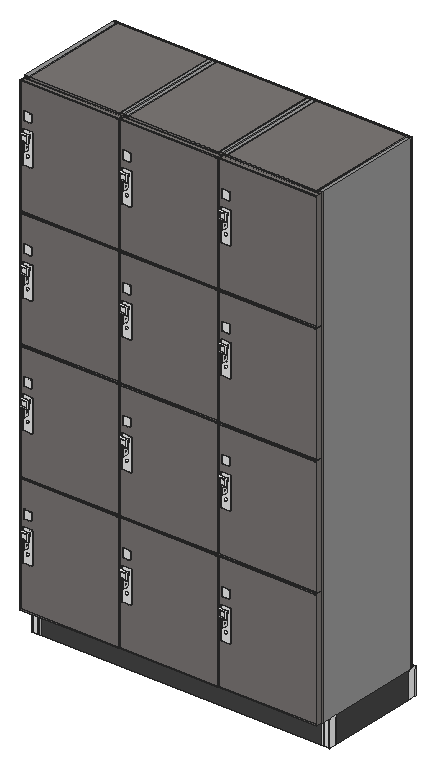
Revit family "Wood_Lockers_Hasps-Salsbury_Industries-15_44000_Series-3_Wide_Units.rfa", category Specialty Equipment, Revit 2016
Family settings
  Part Type = Normal
  Round Connector Dimension = Use Diameter
  OmniClass Number = 23.40.00.00
  OmniClass Title = Equipment and Furnishings
  Work Plane-Based = No
  Always vertical = Yes
  Cut with Voids When Loaded = No
  Shared = No
  Room Calculation Point = No
Parameters (values of type "15-44368")
  Width = 45.000"
  Version = "1.0 (01/31/24)"
  Unit Height including Sloping Hood Only [instance] = 78.868"
  Unit Height including Base Only [instance] = 76.000"
  URL = "www.lockers.com"
  Type Comments = "Premier Wood Lockers - Four Tier - with Hasps"
  Total Doors Height [instance] = if(Unit Height = 72.000", 71.750", if(Unit Height = 60.000", 59.750", 0.000"))  # 71.750"
  Sloping Top Corner Filler - Right Side [instance] = Wood Locker Sloping Corner Fillers : None
  Sloping Top Corner Filler - Left Side [instance] = Wood Locker Sloping Corner Fillers : None
  Sloping In-Line Filler - Right Side [instance] = Wood Locker Sloping In-Line Fillers : None
  Sloping In-Line Filler - Left Side [instance] = Wood Locker Sloping In-Line Fillers : None
  Sloping Hood Height = if(Depth = 15.000", 5.743", if(Depth = 18.000", 6.868", if(Depth = 21.000", 7.993", if(Depth = 24.000", 9.118", 0.000"))))  # 6.868"
  Sloping Hood [instance] = Wood Locker Sloping Hoods : None
  Side Panel without Slope - Right Side [instance] = Wood Locker Side Panels-No Slope : None
  Side Panel without Slope - Left Side [instance] = Wood Locker Side Panels-No Slope : None
  Side Panel with Slope - Right Side [instance] = Wood Locker Side Panels-With Slope : None
  Side Panel with Slope - Left Side [instance] = Wood Locker Side Panels-With Slope : None
  Secondary Structure Materials = Particle Board Industrial Grade - Salsbury Finish - Black Melamine Overlay
  Primary Structure Materials = Particle Board Industrial Grade - Salsbury Finish - Plain
  Overall Unit Height including Base and Sloping Hood [instance] = 82.868"
  OmniClass 23 Title = "Equipment and Furnishings"
  OmniClass 23 Number = "23.40.00.00"
  Model = "15-44368"
  MasterFormat Title = "Lockers"
  MasterFormat Code = "10 51 23"
  Manufacturer = "Salsbury Industries"
  Laminate Surface [instance] = Industrial Grade Particleboard with Wood Laminate - Salsbury Finish - Skyline Walnut
  Unit Height = 72.000"
  Interior Material = Textured Melamine - Salsbury Finish - White
  Individual Door Width [instance] = 14.875"
  Individual Door Height = if(Unit Height = 72.000", 17.796", if(Unit Height = 60.000", 14.796", 0.000"))  # 17.796"
  Hardware = Aluminum - Salsbury Finish - Black Satin
  Front Vertical Filler - Right Side [instance] = Wood Locker Front Fillers : None
  Front Vertical Filler - Left Side [instance] = Wood Locker Front Fillers : None
  Front Corner Filler - Right Side [instance] = Wood Locker Front Corner Filler : None
  Front Corner Filler - Left Side [instance] = Wood Locker Front Corner Filler : None
  Flat Top In-Line Filler - Right Side [instance] = Wood Locker Flat In-Line Fillers : None
  Flat Top In-Line Filler - Left Side [instance] = Wood Locker Flat In-Line Fillers : None
  Flat Top Corner Filler - Right Side [instance] = Wood Locker Flat Corner Fillers : None
  Flat Top Corner Filler - Left Side [instance] = Wood Locker Flat Corner Fillers : None
  Fascia Filler [instance] = Wood Locker Fascia Fillers : None
  Double Side Panel without Slope - Right Side [instance] = Wood Locker Double Side Panels-No Slope : None
  Double Side Panel without Slope - Left Side [instance] = Wood Locker Double Side Panels-No Slope : None
  Double Side Panel with Slope - Right Side [instance] = Wood Locker Double Side Panels-With Slope : None
  Double Side Panel with Slope - Left Side [instance] = Wood Locker Double Side Panels-With Slope : None
  Door Location D1 = Premier Locker Doors_Hasp : Four Tier Door for Six Foot High Locker
  Description = "3 Wide - 6 Feet High - 18 inches Deep - with Base"
  Depth = 18.000"
  Compartment Width [instance] = 13.750"
  Compartment Height [instance] = if(Unit Height = 72.000", 17.063", if(Unit Height = 60.000", 14.063", 0.000"))  # 17.063"
  Compartment Depth [instance] = 16.750"
  Base Material = Particle Board Industrial Grade - Salsbury Finish - Black Melamine Overlay
  Base Height = 4.000"
  Base Depth [instance] = 16.250"
  Base = Wood Locker Bases : Base - 45" W x 18" D Lockers
  Assembly Code = "C1030310"
Reference planes (in)
  plane 1 "Center (Front/Back)": y = 0
  plane 2: z = 0
  plane 3 "Center (Left/Right)": x = 0
  plane 4 "Right Side of Unit": x = 22.5
  plane 5 "Left Side of Unit": x = -22.5
  plane 6 "Back of Unit": y = 9
  plane 7 "Front of Unit": y = -9
  plane 8 "Bottom of Base": z = 0
  plane 9 "Top Edge of Unit": z = 76
  plane 10 "Top of Base Edge": z = 4
  plane 11: z = 82.868
  plane 12 "Right Compartment 3 Edge": x = 21.906
  plane 13 "Left Compartment 1 Edge": x = -21.906
  plane 14 "Front Melamine Edge": y = -8
  plane 15 "Back Compartment Edge": y = 8.781
  plane 16 "Front Compartment Edge": y = -7.969
  plane 17 "Front Edge of Base": y = -6.625
  plane 18 "Bottom Edge of Door": z = 4.125
  plane 19 "Top Edge of Door": z = 75.875
  plane 20 "Bottom Compartment Edge": z = 4.75
  plane 21 "Top Compartment Edge": z = 75.25
  plane 22 "Center Top and Bottom": z = 40
  plane 23 "Left Melamine 1 Edge": x = -21.875
  plane 24 "Right Melamine 3 Edge": x = 21.875
  plane 25 "Back Melamine Edge": y = 8.75
  plane 26 "Left Edge of Door": x = -22.375
  plane 27: y = 9.625
  plane 28: y = -7.25
  plane 29 "Base / Ventillation Alignment": y = 9.625
  plane 30 "Compartment 1-2 Dividing Line": x = -7.5
  plane 31 "Compartment 2-3 Dividing Line": x = 7.5
  plane 32 "Right Compartment 1 Edge": x = -8.094
  plane 33 "Right Melamine 1 Edge": x = -8.125
  plane 34 "Left Compartment 2 Edge": x = -6.906
  plane 35 "Left Melamine 2 Edge": x = -6.875
  plane 36 "Right Compartment 2 Edge": x = 6.906
  plane 37 "Right Melamine 2 Edge": x = 6.875
  plane 38 "Left Compartment 3 Edge": x = 8.094
  plane 39 "Left Melamine 3 Edge": x = 8.125
  plane 40 "Compartment Shelf 3": z = 22.563
  plane 41: z = 21.813
  plane 42 "Compartment Extrusion Guide": z = 3.5
  plane 43 "Vertical Center of Compartment 1": x = -15
  plane 44 "Vertical Center of Compartment 3": x = 15
  plane 45: z = 21.921
  plane 46: z = 22.109
  plane 47: z = 39.626
  plane 48 "Compartment Shelf 2": z = 40.376
  plane 49: z = 39.905
  plane 50: z = 40.093
  plane 51 "Compartment Shelf 1": z = 58.189
  plane 52: z = 57.439
  plane 53: z = 58.077
  plane 54: z = 57.889
Forms (in)
  Extrusion 1, solid, material "Particle Board Industrial Grade - Salsbury Finish - Plain" <- "Primary Structure Materials"
    sketch origin (22.5, 0, 0) x (0, -1, 0) y (0, 0, 1)
      loop
        line (7.969, 76) -> (-8.75, 76) -> (-8.75, 4) -> (7.969, 4) -> (7.969, 76)
    from 0 to 0.594
  Extrusion 2, solid, material "Particle Board Industrial Grade - Salsbury Finish - Plain" <- "Primary Structure Materials"
    sketch origin (-22.5, 0, 0) x (0, -1, 0) y (0, 0, 1)
      loop
        line (-8.75, 76) -> (-8.75, 4) -> (7.969, 4) -> (7.969, 76) -> (-8.75, 76)
    from 0 to -0.594
  Extrusion 3, solid, material "Textured Melamine - Salsbury Finish - White" <- "Interior Material"
    sketch origin (0, 0, 4) x (0, -1, 0) y (1, 0, 0)
      loop
        line (-8.75, -21.875) -> (7.969, -21.875) -> (7.969, 21.875) -> (-8.75, 21.875) -> (-8.75, -21.875)
    from 0 to 0.75
  Extrusion 4, solid, material "Industrial Grade Particleboard with Wood Laminate - Salsbury Finish - Skyline Walnut" <- "Laminate Surface"
    sketch origin (0, 0, 76) x (0, -1, 0) y (1, 0, 0)
      loop
        line (-8.75, -21.875) -> (8, -21.875) -> (8, 21.875) -> (-8.75, 21.875) -> (-8.75, -21.875)
    from 0 to -0.75
  Extrusion 5, solid, material "Particle Board Industrial Grade - Salsbury Finish - Plain" <- "Primary Structure Materials"
    sketch origin (0, 9, 0) x (1, 0, 0) y (0, 0, 1)
      loop
        line (-22.5, 76) -> (-22.5, 4) -> (22.5, 4) -> (22.5, 76) -> (-22.5, 76)
    from 0 to 0.219
  Extrusion 6, solid, material "Industrial Grade Particleboard with Wood Laminate - Salsbury Finish - Skyline Walnut" <- "Laminate Surface"
    sketch origin (0, -7.969, 0) x (1, 0, 0) y (0, 0, 1)
      loop
        line (-22.5, 76) -> (-22.5, 4) -> (-21.875, 4) -> (-21.875, 76) -> (-22.5, 76)
    from 0 to 0.031
  Extrusion 7, solid, material "Industrial Grade Particleboard with Wood Laminate - Salsbury Finish - Skyline Walnut" <- "Laminate Surface"
    sketch origin (0, -7.969, 0) x (-1, 0, 0) y (0, 0, -1)
      loop
        line (-22.5, -76) -> (-21.875, -76) -> (-21.875, -4) -> (-22.5, -4) -> (-22.5, -76)
    from 0 to 0.031
  Extrusion 8, solid, material "Textured Melamine - Salsbury Finish - White" <- "Interior Material"
    sketch origin (0, 8.75, 0) x (1, 0, 0) y (0, 0, 1)
      loop
        line (-22.5, 76) -> (-22.5, 4) -> (22.5, 4) -> (22.5, 76) -> (-22.5, 76)
    from -0.031 to 0
  Extrusion 9, solid, material "Textured Melamine - Salsbury Finish - White" <- "Interior Material"
    sketch origin (-21.906, 0, 0) x (0, -1, 0) y (0, 0, 1)
      loop
        line (-8.75, 76) -> (-8.75, 4) -> (7.969, 4) -> (7.969, 76) -> (-8.75, 76)
    from 0 to -0.031
  Extrusion 10, solid, material "Textured Melamine - Salsbury Finish - White" <- "Interior Material"
    sketch origin (21.906, 0, 0) x (0, -1, 0) y (0, 0, 1)
      loop
        line (7.969, 76) -> (-8.75, 76) -> (-8.75, 4) -> (7.969, 4) -> (7.969, 76)
    from 0 to 0.031
  Extrusion 11, solid, material "Textured Melamine - Salsbury Finish - White" <- "Interior Material", detail levels fine
    sketch origin (0, 0, 22.563) x (0, -1, 0) y (1, 0, 0)
      loop
        line (-8.75, -21.875) -> (7.969, -21.875) -> (7.969, 21.875) -> (-8.75, 21.875) -> (-8.75, -21.875)
    from 0 to -0.75
  Extrusion 12, void
    sketch origin (0, 0, 76) x (0, -1, 0) y (1, 0, 0)
      loop
        line (-8.75, -8.125) -> (8, -8.125) -> (8, -6.875) -> (-8.75, -6.875) -> (-8.75, -8.125)
    from -72.5 to 0
  Extrusion 13, void
    sketch origin (12, 0, 76) x (0, -1, 0) y (1, 0, 0)
      loop
        line (-8.75, -5.125) -> (8, -5.125) -> (8, -3.875) -> (-8.75, -3.875) -> (-8.75, -5.125)
    from -72.5 to 0
  Extrusion 14, solid, material "Particle Board Industrial Grade - Salsbury Finish - Plain" <- "Primary Structure Materials"
    sketch origin (6.0625, 0, 0) x (0, -1, 0) y (0, 0, 1)
      loop
        line (7.969, 76) -> (-8.75, 76) -> (-8.75, 4) -> (7.969, 4) -> (7.969, 76)
    from -1.4375 to -0.8435
  Extrusion 15, solid, material "Textured Melamine - Salsbury Finish - White" <- "Interior Material"
    sketch origin (5.4685, 0, 0) x (0, -1, 0) y (0, 0, 1)
      loop
        line (7.969, 76) -> (-8.75, 76) -> (-8.75, 4) -> (7.969, 4) -> (7.969, 76)
    from -1.4375 to -1.4065
  Extrusion 16, solid, material "Particle Board Industrial Grade - Salsbury Finish - Plain" <- "Primary Structure Materials"
    sketch origin (-5.9375, 0, 0) x (0, -1, 0) y (0, 0, 1)
      loop
        line (7.969, 76) -> (-8.75, 76) -> (-8.75, 4) -> (7.969, 4) -> (7.969, 76)
    from 1.5625 to 2.1565
  Extrusion 17, solid, material "Textured Melamine - Salsbury Finish - White" <- "Interior Material"
    sketch origin (-6.5315, 0, 0) x (0, -1, 0) y (0, 0, 1)
      loop
        line (7.969, 76) -> (-8.75, 76) -> (-8.75, 4) -> (7.969, 4) -> (7.969, 76)
    from 1.5625 to 1.5935
  Extrusion 18, solid, material "Particle Board Industrial Grade - Salsbury Finish - Plain" <- "Primary Structure Materials"
    sketch origin (-5.9375, 0, 0) x (0, -1, 0) y (0, 0, 1)
      loop
        line (-8.75, 76) -> (-8.75, 4) -> (7.969, 4) -> (7.969, 76) -> (-8.75, 76)
    from 1.5625 to 0.9685
  Extrusion 19, solid, material "Textured Melamine - Salsbury Finish - White" <- "Interior Material"
    sketch origin (-5.3435, 0, 0) x (0, -1, 0) y (0, 0, 1)
      loop
        line (-8.75, 76) -> (-8.75, 4) -> (7.969, 4) -> (7.969, 76) -> (-8.75, 76)
    from 1.5625 to 1.5315
  Extrusion 20, solid, material "Particle Board Industrial Grade - Salsbury Finish - Plain" <- "Primary Structure Materials"
    sketch origin (6.0625, 0, 0) x (0, -1, 0) y (0, 0, 1)
      loop
        line (-8.75, 76) -> (-8.75, 4) -> (7.969, 4) -> (7.969, 76) -> (-8.75, 76)
    from -1.4375 to -2.0315
  Extrusion 21, solid, material "Textured Melamine - Salsbury Finish - White" <- "Interior Material"
    sketch origin (6.6565, 0, 0) x (0, -1, 0) y (0, 0, 1)
      loop
        line (-8.75, 76) -> (-8.75, 4) -> (7.969, 4) -> (7.969, 76) -> (-8.75, 76)
    from -1.4375 to -1.4685
  Extrusion 22, solid, material "Industrial Grade Particleboard with Wood Laminate - Salsbury Finish - Skyline Walnut" <- "Laminate Surface"
    sketch origin (11.375, -7.969, 0) x (1, 0, 0) y (0, 0, 1)
      loop
        line (-19.5, 76) -> (-19.5, 4) -> (-18.25, 4) -> (-18.25, 76) -> (-19.5, 76)
    from 0 to 0.031
  Extrusion 23, solid, material "Industrial Grade Particleboard with Wood Laminate - Salsbury Finish - Skyline Walnut" <- "Laminate Surface"
    sketch origin (23.375, -7.969, 0) x (1, 0, 0) y (0, 0, 1)
      loop
        line (-16.5, 76) -> (-16.5, 4) -> (-15.25, 4) -> (-15.25, 76) -> (-16.5, 76)
    from 0 to 0.031
  Extrusion 24, solid, material "Textured Melamine - Salsbury Finish - White" <- "Interior Material", detail levels fine
    sketch origin (0, 0, 40.376) x (0, -1, 0) y (1, 0, 0)
      loop
        line (-8.75, -21.875) -> (7.969, -21.875) -> (7.969, 21.875) -> (-8.75, 21.875) -> (-8.75, -21.875)
    from 0 to -0.75
  Extrusion 25, solid, material "Textured Melamine - Salsbury Finish - White" <- "Interior Material", detail levels fine
    sketch origin (0, 0, 58.189) x (0, -1, 0) y (1, 0, 0)
      loop
        line (-8.75, -21.875) -> (7.969, -21.875) -> (7.969, 21.875) -> (-8.75, 21.875) -> (-8.75, -21.875)
    from 0 to -0.75
  Extrusion 26, solid, material "Industrial Grade Particleboard with Wood Laminate - Salsbury Finish - Skyline Walnut" <- "Laminate Surface"
    sketch origin (0, -8, 0) x (1, 0, 0) y (0, 0, 1)
      loop
        line (-21.875, 58.189) -> (-21.875, 57.439) -> (21.875, 57.439) -> (21.875, 58.189) -> (-21.875, 58.189)
    from 0 to -0.031
  Extrusion 27, solid, material "Industrial Grade Particleboard with Wood Laminate - Salsbury Finish - Skyline Walnut" <- "Laminate Surface"
    sketch origin (0, -8, 0) x (1, 0, 0) y (0, 0, 1)
      loop
        line (-21.875, 40.376) -> (-21.875, 39.626) -> (21.875, 39.626) -> (21.875, 40.376) -> (-21.875, 40.376)
    from 0 to -0.031
  Extrusion 28, solid, material "Industrial Grade Particleboard with Wood Laminate - Salsbury Finish - Skyline Walnut" <- "Laminate Surface"
    sketch origin (0, -8, 0) x (1, 0, 0) y (0, 0, 1)
      loop
        line (-21.875, 22.563) -> (-21.875, 21.813) -> (21.875, 21.813) -> (21.875, 22.563) -> (-21.875, 22.563)
    from 0 to -0.031
  Extrusion 29, solid, material "Industrial Grade Particleboard with Wood Laminate - Salsbury Finish - Skyline Walnut" <- "Laminate Surface"
    sketch origin (0, -8, 0) x (1, 0, 0) y (0, 0, 1)
      loop
        line (-21.875, 4.75) -> (-21.875, 4) -> (21.875, 4) -> (21.875, 4.75) -> (-21.875, 4.75)
    from 0 to -0.031
Cuts and joins
  Extrusion 12, Extrusion 13 cuts Extrusion 4
  Extrusion 12, Extrusion 13 cuts Extrusion 11
  Extrusion 12, Extrusion 13 cuts Extrusion 3
  Extrusion 13 cuts Extrusion 8
  Extrusion 12, Extrusion 13 cuts Extrusion 24
  Extrusion 12, Extrusion 13 cuts Extrusion 25
Lines and regions (in)
  symbolic lines
    curve 1: line (-22.5, 8.75, 76) -> (22.50006, 8.75, 76)
    curve 2: line (-22.5, 8.75, 0) -> (-22.5, 8.75, 76)
    curve 3: line (22.50006, 8.75, 76) -> (22.50006, 8.75, 0)
    curve 4: line (21.906, -8, 76) -> (21.906, 9.625, 76)
    curve 5: line (21.906, -8, 0) -> (21.906, -8, 76)
    curve 6: line (21.906, 9.625, 76) -> (21.906, 9.625, 0)
    curve 7: line (22.50006, 8.75, 0) -> (-22.5, 8.75, 0)
    curve 8: line (21.906, -6.625, 0) -> (21.906, 9.625, 0)
    curve 9: line (21.906, 9.625, 0) -> (21.906, -6.625, 0)
    curve 10: line (21.906, -8, 0) -> (21.906, 9.625, 0)
    curve 11: line (-22.5, 9.625, 0) -> (22.5, 9.625, 0)
    curve 12: line (-22.5, -8, 0) -> (-22.5, 9.625, 0)
    curve 13: line (22.5, -8, 0) -> (-22.5, -8, 0)
    curve 14: line (22.5, 9.625, 0) -> (22.5, -8, 0)
Dimensions and locks (in)
  equal spacing: plane 5 "Left Side of Unit", plane 43 "Vertical Center of Compartment 1", plane 30 "Compartment 1-2 Dividing Line", plane 3 "Center (Left/Right)", plane 31 "Compartment 2-3 Dividing Line", plane 44 "Vertical Center of Compartment 3", plane 4 "Right Side of Unit"
  "Width": plane 5 "Left Side of Unit" to plane 4 "Right Side of Unit"
  equal spacing: plane 7 "Front of Unit", plane 1 "Center (Front/Back)", plane 6 "Back of Unit"
  "Depth": plane 7 "Front of Unit" to plane 6 "Back of Unit"
  "Base Height": plane 10 "Top of Base Edge" to plane 8 "Bottom of Base"
  "Unit Height": plane 9 "Top Edge of Unit" to plane 10 "Top of Base Edge"
  "Sloping Hood Height": plane 11 to plane 9 "Top Edge of Unit"
  locked: plane 12 "Right Compartment 3 Edge" to plane 4 "Right Side of Unit" at 0.594
  locked: plane 5 "Left Side of Unit" to plane 13 "Left Compartment 1 Edge" at 0.594
  locked: plane 7 "Front of Unit" to plane 14 "Front Melamine Edge" at 1
  locked: plane 15 "Back Compartment Edge" to plane 6 "Back of Unit" at 0.219
  locked: plane 14 "Front Melamine Edge" to plane 16 "Front Compartment Edge" at 0.031
  plane 18 "Bottom Edge of Door" to plane 10 "Top of Base Edge" = 0.125"
  plane 9 "Top Edge of Unit" to plane 19 "Top Edge of Door" = 0.125"
  plane 20 "Bottom Compartment Edge" to plane 10 "Top of Base Edge" = 0.750"
  plane 9 "Top Edge of Unit" to plane 21 "Top Compartment Edge" = 0.750"
  equal spacing: plane 9 "Top Edge of Unit", plane 22 "Center Top and Bottom", plane 10 "Top of Base Edge"
  locked: plane 24 "Right Melamine 3 Edge" to plane 12 "Right Compartment 3 Edge" at 0.031
  locked: plane 13 "Left Compartment 1 Edge" to plane 23 "Left Melamine 1 Edge" at 0.031
  locked: plane 25 "Back Melamine Edge" to plane 15 "Back Compartment Edge" at 0.031
  locked: plane 5 "Left Side of Unit" to plane 26 "Left Edge of Door" at 0.125
  "Individual Door Width": plane 26 "Left Edge of Door" to plane 30 "Compartment 1-2 Dividing Line"
  "Total Doors Height": plane 19 "Top Edge of Door" to plane 18 "Bottom Edge of Door"
  "Unit Height including Base Only": plane 9 "Top Edge of Unit" to plane 8 "Bottom of Base"
  "Unit Height including Sloping Hood Only": plane 11 to plane 10 "Top of Base Edge"
  "Overall Unit Height including Base and Sloping Hood": plane 11 to plane 8 "Bottom of Base"
  locked: plane 7 "Front of Unit" to plane 17 "Front Edge of Base" at 2.375
  locked: plane 6 "Back of Unit" to plane 27 at 0.625
  "Base Depth": plane 17 "Front Edge of Base" to plane 27
  "Compartment Width": plane 23 "Left Melamine 1 Edge" to plane 33 "Right Melamine 1 Edge"
  "Compartment Height": plane 41 to plane 20 "Bottom Compartment Edge"
  "Compartment Depth": plane 14 "Front Melamine Edge" to plane 25 "Back Melamine Edge"
  locked: plane 14 "Front Melamine Edge" to plane 28 at 0.75
  plane 14 "Front Melamine Edge" to plane 27 = 17.625"
  Extrusion 2 to Extrusion 9 = 16.719"
  plane 6 "Back of Unit" to plane 29 "Base / Ventillation Alignment" = 0.625"
  plane 32 "Right Compartment 1 Edge" to plane 30 "Compartment 1-2 Dividing Line" to plane 34 "Left Compartment 2 Edge" = 0.594" locked, 0.594" locked
  plane 36 "Right Compartment 2 Edge" to plane 31 "Compartment 2-3 Dividing Line" to plane 38 "Left Compartment 3 Edge" = 0.594" locked, 0.594" locked
  locked: plane 37 "Right Melamine 2 Edge" to plane 36 "Right Compartment 2 Edge" at 0.031
  locked: plane 38 "Left Compartment 3 Edge" to plane 39 "Left Melamine 3 Edge" at 0.031
  locked: plane 34 "Left Compartment 2 Edge" to plane 35 "Left Melamine 2 Edge" at 0.031
  plane 33 "Right Melamine 1 Edge" to plane 32 "Right Compartment 1 Edge" = 0.031"
  locked: plane 40 "Compartment Shelf 3" to plane 41 at 0.75
  locked: plane 10 "Top of Base Edge" to plane 42 "Compartment Extrusion Guide" at 0.5
  locked: plane 46 to plane 45 at 0.188
  "Individual Door Height": plane 45 to plane 18 "Bottom Edge of Door"
  locked: plane 48 "Compartment Shelf 2" to plane 47 at 0.75
  locked: plane 50 to plane 49 at 0.188
  "Individual Door Height": plane 49 to plane 46
  "Compartment Height": plane 47 to plane 40 "Compartment Shelf 3"
  locked: plane 53 to plane 54 at 0.188
  locked: plane 51 "Compartment Shelf 1" to plane 52 at 0.75
  "Individual Door Height": plane 54 to plane 50
  "Compartment Height": plane 52 to plane 48 "Compartment Shelf 2"
  aligned and locked: level to plane 2
  aligned and locked: plane 15 "Back Compartment Edge" to Extrusion 5
  aligned and locked: plane 4 "Right Side of Unit" to nested 1
  aligned and locked: plane 18 "Bottom Edge of Door" to nested 1
  aligned and locked: plane 7 "Front of Unit" to nested 1
  aligned and locked: plane 5 "Left Side of Unit" to nested 2
  aligned and locked: nested 2 to plane 14 "Front Melamine Edge"
  aligned and locked: nested 2 to plane 9 "Top Edge of Unit"
  aligned and locked: plane 4 "Right Side of Unit" to nested 3
  aligned and locked: nested 3 to plane 9 "Top Edge of Unit"
  aligned and locked: nested 3 to plane 14 "Front Melamine Edge"
  aligned and locked: plane 9 "Top Edge of Unit" to nested 4
  aligned and locked: plane 28 to nested 4
  aligned and locked: nested 5 to plane 28
  aligned and locked: plane 5 "Left Side of Unit" to nested 5
  aligned and locked: plane 4 "Right Side of Unit" to nested 4
  aligned and locked: nested 5 to plane 9 "Top Edge of Unit"
  aligned and locked: nested 7 to plane 5 "Left Side of Unit"
  aligned and locked: nested 6 to plane 4 "Right Side of Unit"
  aligned and locked: plane 14 "Front Melamine Edge" to nested 6
  aligned and locked: plane 14 "Front Melamine Edge" to nested 7
  aligned and locked: plane 10 "Top of Base Edge" to nested 6
  aligned and locked: plane 10 "Top of Base Edge" to nested 7
  aligned and locked: plane 5 "Left Side of Unit" to nested 8
  aligned and locked: plane 4 "Right Side of Unit" to nested 9
  aligned and locked: nested 9 to plane 10 "Top of Base Edge"
  aligned and locked: nested 8 to plane 10 "Top of Base Edge"
  aligned and locked: plane 16 "Front Compartment Edge" to nested 9
  aligned and locked: plane 14 "Front Melamine Edge" to nested 8
  aligned and locked: plane 4 "Right Side of Unit" to nested 10
  aligned and locked: nested 10 to plane 10 "Top of Base Edge"
  aligned and locked: plane 14 "Front Melamine Edge" to nested 10
  aligned and locked: plane 14 "Front Melamine Edge" to nested 11
  aligned and locked: nested 11 to nested 3
  aligned and locked: plane 10 "Top of Base Edge" to nested 11
  aligned and locked: nested 12 to plane 5 "Left Side of Unit"
  aligned and locked: plane 14 "Front Melamine Edge" to nested 12
  aligned and locked: plane 10 "Top of Base Edge" to nested 12
  aligned and locked: plane 14 "Front Melamine Edge" to nested 13
  aligned and locked: nested 13 to plane 4 "Right Side of Unit"
  aligned and locked: plane 14 "Front Melamine Edge" to nested 14
  aligned and locked: nested 14 to plane 5 "Left Side of Unit"
  aligned and locked: plane 10 "Top of Base Edge" to nested 13
  aligned and locked: plane 10 "Top of Base Edge" to nested 14
  aligned and locked: plane 14 "Front Melamine Edge" to nested 15
  aligned and locked: plane 4 "Right Side of Unit" to nested 15
  aligned and locked: plane 14 "Front Melamine Edge" to nested 16
  aligned and locked: plane 5 "Left Side of Unit" to nested 16
  aligned and locked: nested 15 to plane 8 "Bottom of Base"
  aligned and locked: nested 16 to plane 8 "Bottom of Base"
  aligned and locked: nested 17 to plane 5 "Left Side of Unit"
  aligned and locked: nested 18 to plane 4 "Right Side of Unit"
  aligned and locked: nested 18 to plane 14 "Front Melamine Edge"
  aligned and locked: nested 17 to plane 14 "Front Melamine Edge"
  aligned and locked: plane 8 "Bottom of Base" to nested 18
  aligned and locked: plane 8 "Bottom of Base" to nested 17
  aligned and locked: plane 17 "Front Edge of Base" to nested 19
  aligned and locked: nested 20 to plane 9 "Top Edge of Unit"
  aligned and locked: plane 5 "Left Side of Unit" to nested 20
  aligned and locked: nested 21 to plane 9 "Top Edge of Unit"
  aligned and locked: plane 4 "Right Side of Unit" to nested 21
  aligned and locked: nested 21 to plane 14 "Front Melamine Edge"
  aligned and locked: nested 20 to plane 14 "Front Melamine Edge"
  aligned and locked: nested 23 to plane 9 "Top Edge of Unit"
  aligned and locked: plane 4 "Right Side of Unit" to nested 23
  aligned and locked: nested 22 to plane 9 "Top Edge of Unit"
  aligned and locked: plane 5 "Left Side of Unit" to nested 22
  aligned and locked: nested 23 to plane 28
  aligned and locked: nested 22 to plane 28
  aligned and locked: nested 19 to plane 8 "Bottom of Base"
  aligned and locked: plane 3 "Center (Left/Right)" to nested 19
  aligned and locked: plane 25 "Back Melamine Edge" to Extrusion 3 sketch curve
  aligned and locked: Extrusion 3 sketch curve to plane 23 "Left Melamine 1 Edge"
  aligned and locked: plane 24 "Right Melamine 3 Edge" to Extrusion 3 sketch curve
  aligned and locked: plane 25 "Back Melamine Edge" to Extrusion 4 sketch curve
  aligned and locked: plane 24 "Right Melamine 3 Edge" to Extrusion 4 sketch curve
  aligned and locked: Extrusion 4 sketch curve to plane 23 "Left Melamine 1 Edge"
  aligned and locked: Extrusion 4 sketch curve to plane 14 "Front Melamine Edge"
  aligned and locked: Extrusion 4 to plane 9 "Top Edge of Unit"
  aligned and locked: plane 21 "Top Compartment Edge" to Extrusion 4
  aligned and locked: Extrusion 2 sketch curve to plane 9 "Top Edge of Unit"
  aligned and locked: plane 16 "Front Compartment Edge" to Extrusion 2 sketch curve
  aligned and locked: Extrusion 2 sketch curve to plane 25 "Back Melamine Edge"
  aligned and locked: plane 10 "Top of Base Edge" to Extrusion 2 sketch curve
  aligned and locked: Extrusion 2 to plane 13 "Left Compartment 1 Edge"
  aligned and locked: plane 5 "Left Side of Unit" to Extrusion 2
  aligned and locked: plane 10 "Top of Base Edge" to Extrusion 9 sketch curve
  aligned and locked: Extrusion 9 sketch curve to plane 25 "Back Melamine Edge"
  aligned and locked: Extrusion 9 sketch curve to plane 9 "Top Edge of Unit"
  aligned and locked: Extrusion 1 sketch curve to plane 16 "Front Compartment Edge"
  aligned and locked: plane 9 "Top Edge of Unit" to Extrusion 1 sketch curve
  aligned and locked: Extrusion 1 sketch curve to plane 10 "Top of Base Edge"
  aligned and locked: plane 25 "Back Melamine Edge" to Extrusion 1 sketch curve
  aligned and locked: Extrusion 1 to plane 4 "Right Side of Unit"
  aligned and locked: plane 12 "Right Compartment 3 Edge" to Extrusion 1
  aligned and locked: Extrusion 10 sketch curve to plane 10 "Top of Base Edge"
  aligned and locked: plane 25 "Back Melamine Edge" to Extrusion 10 sketch curve
  aligned and locked: Extrusion 10 sketch curve to plane 16 "Front Compartment Edge"
  aligned and locked: plane 9 "Top Edge of Unit" to Extrusion 10 sketch curve
  aligned and locked: Extrusion 10 to plane 12 "Right Compartment 3 Edge"
  aligned and locked: plane 24 "Right Melamine 3 Edge" to Extrusion 10
  aligned and locked: Extrusion 8 sketch curve to plane 10 "Top of Base Edge"
  aligned and locked: plane 4 "Right Side of Unit" to Extrusion 8 sketch curve
  aligned and locked: plane 9 "Top Edge of Unit" to Extrusion 8 sketch curve
  aligned and locked: Extrusion 8 sketch curve to plane 5 "Left Side of Unit"
  aligned and locked: Extrusion 8 to plane 15 "Back Compartment Edge"
  aligned and locked: plane 25 "Back Melamine Edge" to Extrusion 8
  aligned and locked: plane 9 "Top Edge of Unit" to Extrusion 5 sketch curve
  aligned and locked: Extrusion 5 sketch curve to plane 5 "Left Side of Unit"
  aligned and locked: Extrusion 5 sketch curve to plane 10 "Top of Base Edge"
  aligned and locked: plane 4 "Right Side of Unit" to Extrusion 5 sketch curve
  aligned and locked: Extrusion 7 sketch curve to plane 9 "Top Edge of Unit"
  aligned and locked: Extrusion 7 sketch curve to plane 4 "Right Side of Unit"
  aligned and locked: plane 24 "Right Melamine 3 Edge" to Extrusion 7 sketch curve
  aligned and locked: plane 10 "Top of Base Edge" to Extrusion 7 sketch curve
  aligned and locked: Extrusion 7 to plane 16 "Front Compartment Edge"
  aligned and locked: plane 14 "Front Melamine Edge" to Extrusion 7
  aligned and locked: plane 10 "Top of Base Edge" to Extrusion 6 sketch curve
  aligned and locked: plane 23 "Left Melamine 1 Edge" to Extrusion 6 sketch curve
  aligned and locked: Extrusion 6 sketch curve to plane 5 "Left Side of Unit"
  aligned and locked: plane 9 "Top Edge of Unit" to Extrusion 6 sketch curve
  aligned and locked: Extrusion 6 to plane 16 "Front Compartment Edge"
  aligned and locked: Extrusion 6 to plane 14 "Front Melamine Edge"
  aligned and locked: plane 16 "Front Compartment Edge" to Extrusion 9
  aligned and locked: plane 13 "Left Compartment 1 Edge" to Extrusion 9
  aligned and locked: nested 2 to curve 1
  aligned and locked: curve 2 to nested 16
  aligned and locked: nested 15 to curve 5
  aligned and locked: curve 9 to nested 19
  aligned and locked: curve 10 to nested 15
  aligned and locked: curve 13 to plane 14 "Front Melamine Edge"
  aligned and locked: curve 12 to plane 5 "Left Side of Unit"
  aligned and locked: plane 29 "Base / Ventillation Alignment" to curve 11
  aligned and locked: plane 29 "Base / Ventillation Alignment" to curve 6
  aligned and locked: plane 14 "Front Melamine Edge" to nested 24
  aligned and locked: plane 9 "Top Edge of Unit" to nested 24
  aligned and locked: plane 3 "Center (Left/Right)" to nested 24
  aligned and locked: plane 14 "Front Melamine Edge" to nested 25
  aligned and locked: plane 3 "Center (Left/Right)" to nested 25
  aligned and locked: plane 9 "Top Edge of Unit" to nested 25
  aligned and locked: plane 25 "Back Melamine Edge" to Extrusion 11 sketch curve
  aligned and locked: Extrusion 11 sketch curve to plane 23 "Left Melamine 1 Edge"
  aligned and locked: plane 24 "Right Melamine 3 Edge" to Extrusion 11 sketch curve
  aligned and locked: Extrusion 12 sketch curve to plane 25 "Back Melamine Edge"
  aligned and locked: plane 33 "Right Melamine 1 Edge" to Extrusion 12 sketch curve
  aligned and locked: plane 14 "Front Melamine Edge" to Extrusion 12 sketch curve
  aligned and locked: Extrusion 12 sketch curve to plane 35 "Left Melamine 2 Edge"
  aligned and locked: Extrusion 12 to plane 9 "Top Edge of Unit"
  aligned and locked: plane 42 "Compartment Extrusion Guide" to Extrusion 12
  aligned and locked: Extrusion 13 sketch curve to plane 37 "Right Melamine 2 Edge"
  aligned and locked: plane 39 "Left Melamine 3 Edge" to Extrusion 13 sketch curve
  aligned and locked: plane 25 "Back Melamine Edge" to Extrusion 13 sketch curve
  aligned and locked: Extrusion 13 sketch curve to plane 14 "Front Melamine Edge"
  aligned and locked: plane 42 "Compartment Extrusion Guide" to Extrusion 13
  aligned and locked: Extrusion 13 to plane 9 "Top Edge of Unit"
  aligned and locked: plane 9 "Top Edge of Unit" to Extrusion 14 sketch curve
  aligned and locked: plane 25 "Back Melamine Edge" to Extrusion 14 sketch curve
  aligned and locked: Extrusion 14 sketch curve to plane 10 "Top of Base Edge"
  aligned and locked: Extrusion 14 sketch curve to plane 16 "Front Compartment Edge"
  aligned and locked: plane 36 "Right Compartment 2 Edge" to Extrusion 14
  aligned and locked: Extrusion 14 to plane 31 "Compartment 2-3 Dividing Line"
  aligned and locked: plane 25 "Back Melamine Edge" to Extrusion 15 sketch curve
  aligned and locked: plane 9 "Top Edge of Unit" to Extrusion 15 sketch curve
  aligned and locked: Extrusion 15 sketch curve to plane 10 "Top of Base Edge"
  aligned and locked: Extrusion 15 sketch curve to plane 16 "Front Compartment Edge"
  aligned and locked: Extrusion 15 to plane 36 "Right Compartment 2 Edge"
  aligned and locked: plane 37 "Right Melamine 2 Edge" to Extrusion 15
  aligned and locked: plane 25 "Back Melamine Edge" to Extrusion 16 sketch curve
  aligned and locked: plane 9 "Top Edge of Unit" to Extrusion 16 sketch curve
  aligned and locked: Extrusion 16 sketch curve to plane 10 "Top of Base Edge"
  aligned and locked: Extrusion 16 sketch curve to plane 16 "Front Compartment Edge"
  aligned and locked: plane 32 "Right Compartment 1 Edge" to Extrusion 16
  aligned and locked: Extrusion 16 to plane 30 "Compartment 1-2 Dividing Line"
  aligned and locked: plane 25 "Back Melamine Edge" to Extrusion 17 sketch curve
  aligned and locked: plane 9 "Top Edge of Unit" to Extrusion 17 sketch curve
  aligned and locked: Extrusion 17 sketch curve to plane 10 "Top of Base Edge"
  aligned and locked: Extrusion 17 sketch curve to plane 16 "Front Compartment Edge"
  aligned and locked: Extrusion 17 to plane 32 "Right Compartment 1 Edge"
  aligned and locked: plane 33 "Right Melamine 1 Edge" to Extrusion 17
  aligned and locked: plane 10 "Top of Base Edge" to Extrusion 18 sketch curve
  aligned and locked: plane 16 "Front Compartment Edge" to Extrusion 18 sketch curve
  aligned and locked: Extrusion 18 sketch curve to plane 25 "Back Melamine Edge"
  aligned and locked: Extrusion 18 sketch curve to plane 9 "Top Edge of Unit"
  aligned and locked: Extrusion 18 to plane 34 "Left Compartment 2 Edge"
  aligned and locked: plane 30 "Compartment 1-2 Dividing Line" to Extrusion 18
  aligned and locked: Extrusion 19 sketch curve to plane 25 "Back Melamine Edge"
  aligned and locked: Extrusion 19 sketch curve to plane 9 "Top Edge of Unit"
  aligned and locked: plane 10 "Top of Base Edge" to Extrusion 19 sketch curve
  aligned and locked: plane 16 "Front Compartment Edge" to Extrusion 19 sketch curve
  aligned and locked: Extrusion 19 to plane 35 "Left Melamine 2 Edge"
  aligned and locked: plane 34 "Left Compartment 2 Edge" to Extrusion 19
  aligned and locked: plane 16 "Front Compartment Edge" to Extrusion 20 sketch curve
  aligned and locked: plane 10 "Top of Base Edge" to Extrusion 20 sketch curve
  aligned and locked: Extrusion 20 sketch curve to plane 9 "Top Edge of Unit"
  aligned and locked: Extrusion 20 sketch curve to plane 25 "Back Melamine Edge"
  aligned and locked: plane 31 "Compartment 2-3 Dividing Line" to Extrusion 20
  aligned and locked: Extrusion 20 to plane 38 "Left Compartment 3 Edge"
  aligned and locked: Extrusion 21 sketch curve to plane 25 "Back Melamine Edge"
  aligned and locked: Extrusion 21 sketch curve to plane 9 "Top Edge of Unit"
  aligned and locked: plane 10 "Top of Base Edge" to Extrusion 21 sketch curve
  aligned and locked: plane 16 "Front Compartment Edge" to Extrusion 21 sketch curve
  aligned and locked: Extrusion 21 to plane 39 "Left Melamine 3 Edge"
  aligned and locked: plane 38 "Left Compartment 3 Edge" to Extrusion 21
  aligned and locked: plane 31 "Compartment 2-3 Dividing Line" to nested 26
  aligned and locked: plane 30 "Compartment 1-2 Dividing Line" to nested 27
  aligned and locked: plane 18 "Bottom Edge of Door" to nested 26
  aligned and locked: nested 27 to plane 18 "Bottom Edge of Door"
  aligned and locked: plane 7 "Front of Unit" to nested 26
  aligned and locked: plane 7 "Front of Unit" to nested 27
  aligned and locked: Extrusion 22 sketch curve to plane 33 "Right Melamine 1 Edge"
  aligned and locked: plane 9 "Top Edge of Unit" to Extrusion 22 sketch curve
  aligned and locked: plane 35 "Left Melamine 2 Edge" to Extrusion 22 sketch curve
  aligned and locked: Extrusion 22 sketch curve to plane 10 "Top of Base Edge"
  aligned and locked: Extrusion 22 to plane 16 "Front Compartment Edge"
  aligned and locked: plane 14 "Front Melamine Edge" to Extrusion 22
  aligned and locked: plane 9 "Top Edge of Unit" to Extrusion 23 sketch curve
  aligned and locked: Extrusion 23 sketch curve to plane 37 "Right Melamine 2 Edge"
  aligned and locked: plane 39 "Left Melamine 3 Edge" to Extrusion 23 sketch curve
  aligned and locked: Extrusion 23 sketch curve to plane 10 "Top of Base Edge"
  aligned and locked: Extrusion 23 to plane 16 "Front Compartment Edge"
  aligned and locked: plane 14 "Front Melamine Edge" to Extrusion 23
  aligned and locked: plane 46 to nested 30
  aligned and locked: plane 46 to nested 29
  aligned and locked: plane 30 "Compartment 1-2 Dividing Line" to nested 30
  aligned and locked: plane 31 "Compartment 2-3 Dividing Line" to nested 29
  aligned and locked: plane 46 to nested 28
  aligned and locked: plane 4 "Right Side of Unit" to nested 28
  aligned and locked: plane 7 "Front of Unit" to nested 28
  aligned and locked: plane 7 "Front of Unit" to nested 29
  aligned and locked: plane 7 "Front of Unit" to nested 30
  aligned and locked: plane 25 "Back Melamine Edge" to Extrusion 24 sketch curve
  aligned and locked: plane 24 "Right Melamine 3 Edge" to Extrusion 24 sketch curve
  aligned and locked: Extrusion 24 sketch curve to plane 23 "Left Melamine 1 Edge"
  aligned and locked: plane 7 "Front of Unit" to nested 31
  aligned and locked: plane 7 "Front of Unit" to nested 32
  aligned and locked: plane 7 "Front of Unit" to nested 33
  aligned and locked: plane 50 to nested 31
  aligned and locked: plane 50 to nested 32
  aligned and locked: plane 50 to nested 33
  aligned and locked: plane 4 "Right Side of Unit" to nested 31
  aligned and locked: plane 31 "Compartment 2-3 Dividing Line" to nested 32
  aligned and locked: plane 30 "Compartment 1-2 Dividing Line" to nested 33
  aligned and locked: Extrusion 25 sketch curve to plane 23 "Left Melamine 1 Edge"
  aligned and locked: plane 25 "Back Melamine Edge" to Extrusion 25 sketch curve
  aligned and locked: plane 24 "Right Melamine 3 Edge" to Extrusion 25 sketch curve
  aligned and locked: plane 7 "Front of Unit" to nested 34
  aligned and locked: plane 7 "Front of Unit" to nested 35
  aligned and locked: plane 7 "Front of Unit" to nested 36
  aligned and locked: plane 4 "Right Side of Unit" to nested 34
  aligned and locked: plane 53 to nested 34
  aligned and locked: plane 31 "Compartment 2-3 Dividing Line" to nested 35
  aligned and locked: plane 53 to nested 35
  aligned and locked: plane 30 "Compartment 1-2 Dividing Line" to nested 36
  aligned and locked: plane 53 to nested 36
  aligned and locked: plane 16 "Front Compartment Edge" to Extrusion 25
  aligned and locked: plane 16 "Front Compartment Edge" to Extrusion 24
  aligned and locked: plane 16 "Front Compartment Edge" to Extrusion 11
  aligned and locked: plane 16 "Front Compartment Edge" to Extrusion 3
  aligned and locked: Extrusion 26 sketch curve to cut or joined group of Extrusion 12, Extrusion 13, Extrusion 25  (x4)
  aligned and locked: Extrusion 26 to plane 14 "Front Melamine Edge"
  aligned and locked: Extrusion 26 to plane 16 "Front Compartment Edge"
  aligned and locked: Extrusion 27 sketch curve to cut or joined group of Extrusion 12, Extrusion 13, Extrusion 24  (x4)
  aligned and locked: Extrusion 27 to plane 14 "Front Melamine Edge"
  aligned and locked: Extrusion 27 to plane 16 "Front Compartment Edge"
  aligned and locked: Extrusion 28 sketch curve to cut or joined group of Extrusion 11, Extrusion 12, Extrusion 13  (x4)
  aligned and locked: Extrusion 28 to plane 14 "Front Melamine Edge"
  aligned and locked: Extrusion 28 to plane 16 "Front Compartment Edge"
  aligned and locked: Extrusion 29 sketch curve to cut or joined group of Extrusion 3, Extrusion 12, Extrusion 13  (x3)
  aligned and locked: Extrusion 7 to Extrusion 29 sketch curve
  aligned and locked: Extrusion 29 to plane 14 "Front Melamine Edge"
  aligned and locked: Extrusion 29 to plane 16 "Front Compartment Edge"
Automatic sketch dimensions
  Extrusion 9 sketch curve to plane 16 "Front Compartment Edge" = 0.000"
  curve 3 to level = 0.000"
  curve 3 to plane 4 "Right Side of Unit" = 0.00006"
  curve 8 to plane 17 "Front Edge of Base" = 0.000"
  curve 9 to plane 17 "Front Edge of Base" = 0.000"
  plane 9 "Top Edge of Unit" to curve 5 = 0.000"
  curve 13 to plane 4 "Right Side of Unit" = 0.000"
  Extrusion 25 sketch curve to plane 14 "Front Melamine Edge" = 0.031"
  Extrusion 24 sketch curve to plane 14 "Front Melamine Edge" = 0.031"
  Extrusion 11 sketch curve to plane 14 "Front Melamine Edge" = 0.031"
  Extrusion 3 sketch curve to plane 14 "Front Melamine Edge" = 0.031"
Nested families (in)
  nested 1: "Premier Locker Doors_Hasp" at (15.0625, -8.625, 4.125), type <- "Door Location D1", type "Four Tier Door for Six Foot High Locker"
  nested 2: "Wood Locker Sloping Corner Fillers" at (-31.75, -1, 76), type <- "Sloping Top Corner Filler - Left Side", type "None"
  nested 3: "Wood Locker Sloping Corner Fillers" at (31.75, -1, 76) x (-1, 0, 0) z (0, 0, 1), type <- "Sloping Top Corner Filler - Right Side", type "None"
  nested 4: "Wood Locker Flat Corner Fillers" at (30, -3.625, 75.25), type <- "Flat Top Corner Filler - Right Side", type "None"
  nested 5: "Wood Locker Flat Corner Fillers" at (-30, -3.625, 75.25) x (-1, 0, 0) z (0, 0, 1), type <- "Flat Top Corner Filler - Left Side", type "None"
  nested 6: "Wood Locker Side Panels-No Slope" at (22.875, -1, 4) x (0, 1, 0) z (0, 0, 1), type <- "Side Panel without Slope - Right Side", type "None"
  nested 7: "Wood Locker Side Panels-No Slope" at (-22.875, -1, 4) x (0, 1, 0) z (0, 0, 1), type <- "Side Panel without Slope - Left Side", type "None"
  nested 8: "Wood Locker Side Panels-With Slope" at (-22.875, -0.6875, 4) x (0, -1, 0) z (0, 0, 1), type <- "Side Panel with Slope - Left Side", type "None"
  nested 9: "Wood Locker Side Panels-With Slope" at (22.875, -0.6565, 4) x (0, -1, 0) z (0, 0, 1), type <- "Side Panel with Slope - Right Side", type "None"
  nested 10: "Wood Locker Side Panels-With Slope" at (22.875, -0.6875, 4) x (0, -1, 0) z (0, 0, 1), type <- "Side Panel with Slope - Right Side", type "None"
  nested 11: "Wood Locker Double Side Panels-No Slope" at (22.875, -1, 4) x (0, 1, 0) z (0, 0, 1), type <- "Double Side Panel without Slope - Right Side", type "None"
  nested 12: "Wood Locker Double Side Panels-No Slope" at (-22.875, -1, 4) x (0, 1, 0) z (0, 0, 1), type <- "Double Side Panel without Slope - Left Side", type "None"
  nested 13: "Wood Locker Double Side Panels-With Slope" at (22.875, -1, 4) x (0, 1, 0) z (0, 0, 1), type <- "Double Side Panel with Slope - Right Side", type "None"
  nested 14: "Wood Locker Double Side Panels-With Slope" at (-22.875, -1, 4) x (0, 1, 0) z (0, 0, 1), type <- "Double Side Panel with Slope - Left Side", type "None"
  nested 15: "Wood Locker Front Fillers" at (30, -7.625, 0), type <- "Front Vertical Filler - Right Side", type "None"
  nested 16: "Wood Locker Front Fillers" at (-30, -7.625, 0) x (-1, 0, 0) z (0, 0, 1), type <- "Front Vertical Filler - Left Side", type "None"
  nested 17: "Wood Locker Front Corner Filler" at (-23.625, -7.625, 0), type <- "Front Corner Filler - Left Side", type "None"
  nested 18: "Wood Locker Front Corner Filler" at (23.625, -7.625, 0) x (-1, 0, 0) z (0, 0, 1), type <- "Front Corner Filler - Right Side", type "None"
  nested 19: "Wood Locker Bases" at (0, 1.5, 0), type <- "Base", type "Base - 45" W x 18" D Lockers"
  nested 20: "Wood Locker Sloping In-Line Fillers" at (-28.5, -1, 76), type <- "Sloping In-Line Filler - Left Side", type "None"
  nested 21: "Wood Locker Sloping In-Line Fillers" at (28.5, -1, 76) x (-1, 0, 0) z (0, 0, 1), type <- "Sloping In-Line Filler - Right Side", type "None"
  nested 22: "Wood Locker Flat In-Line Fillers" at (-30, -0.625, 75.25), type <- "Flat Top In-Line Filler - Left Side", type "None"
  nested 23: "Wood Locker Flat In-Line Fillers" at (30, -0.625, 75.25) x (-1, 0, 0) z (0, 0, 1), type <- "Flat Top In-Line Filler - Right Side", type "None"
  nested 24: "Wood Locker Fascia Fillers" at (0, -7.625, 76), type <- "Fascia Filler", type "None"
  nested 25: "Wood Locker Sloping Hoods" at (0, -0.6875, 76), type <- "Sloping Hood", type "None"
  nested 26: "Premier Locker Doors_Hasp" at (0.0625, -8.625, 4.125), type <- "Door Location D1", type "Four Tier Door for Six Foot High Locker"
  nested 27: "Premier Locker Doors_Hasp" at (-14.9375, -8.625, 4.125), type <- "Door Location D1", type "Four Tier Door for Six Foot High Locker"
  nested 28: "Premier Locker Doors_Hasp" at (15.0625, -8.625, 22.109), type <- "Door Location D1", type "Four Tier Door for Six Foot High Locker"
  nested 29: "Premier Locker Doors_Hasp" at (0.0625, -8.625, 22.109), type <- "Door Location D1", type "Four Tier Door for Six Foot High Locker"
  nested 30: "Premier Locker Doors_Hasp" at (-14.9375, -8.625, 22.109), type <- "Door Location D1", type "Four Tier Door for Six Foot High Locker"
  nested 31: "Premier Locker Doors_Hasp" at (15.0625, -8.625, 40.093), type <- "Door Location D1", type "Four Tier Door for Six Foot High Locker"
  nested 32: "Premier Locker Doors_Hasp" at (0.0625, -8.625, 40.093), type <- "Door Location D1", type "Four Tier Door for Six Foot High Locker"
  nested 33: "Premier Locker Doors_Hasp" at (-14.9375, -8.625, 40.093), type <- "Door Location D1", type "Four Tier Door for Six Foot High Locker"
  nested 34: "Premier Locker Doors_Hasp" at (15.0625, -8.625, 58.077), type <- "Door Location D1", type "Four Tier Door for Six Foot High Locker"
  nested 35: "Premier Locker Doors_Hasp" at (0.0625, -8.625, 58.077), type <- "Door Location D1", type "Four Tier Door for Six Foot High Locker"
  nested 36: "Premier Locker Doors_Hasp" at (-14.9375, -8.625, 58.077), type <- "Door Location D1", type "Four Tier Door for Six Foot High Locker"
Definition of nested family "Premier Locker Doors_Hasp"
  Parameters (values of type "Single Tier Door for Six Foot High Locker")
    Width = 14.875"
    Visible Number Plates = yes
    Visible Center Hinge = yes
    Primary Structure Materials = none
    Number Tag-Vertical Offset = 31.625"
    Number Tag-Horizontal Offset = 13.750"
    Number Tag Width = 1.250"
    Number Tag Height = 1.250"
    Model = "Premier Locker Doors"
    Manufacturer = "Salsbury Industries"
    Lock Width = 1.500"
    Lock Height = 4.875"
    Laminate Surface = none
    Height = 71.750"
    Lock Vertical Offset = 35.875"
    Lock Horizontal Offset = 0.375"
    Door Trim = none
    Door Hasps = none
    Depth = 0.750"
    Default Elevation = 48.000"
  Types (7): name | Visible Center Hinge | Number Tag-Vertical Offset | Height | Lock Vertical Offset
    Single Tier Door for Six Foot High Locker | yes | 31.625" | 71.750" | 35.875"
    Double Tier Door-1 for Six Foot High Locker | no | 27.641" | 35.781" | 31.891"
    Double Tier Door-2 for Six Foot High Locker | yes | 2.078" | 35.781" | 6.328"
    Triple Tier Door-1 for Six Foot High Locker | no | 15.651" | 23.791" | 19.901"
    Triple Tier Door-2 for Six Foot High Locker | no | 7.646" | 23.791" | 11.896"
    Triple Tier Door-3 for Six Foot High Locker | no | 2.078" | 23.791" | 6.328"
    Four Tier Door for Six Foot High Locker | no | 4.647" | 17.796" | 8.897"
  Reference planes (in)
    plane 1 "Center (Front/Back)": y = 0
    plane 2: z = 0
    plane 3 "Center (Left/Right)": x = 0
    plane 4 "Left Side of Door": x = -7.4375
    plane 5 "Right Side of Door": x = 7.4375
    plane 6 "Back of Door": y = 0.375
    plane 7 "Front of Door": y = -0.375
    plane 8 "Bottom of Door": z = 0
    plane 9 "Top of Door": z = 71.75
    plane 10 "Center of Door": z = 35.875
    plane 11 "Top of Number Tag": z = 40.75
    plane 12 "Bottom of Number Tag": z = 39.5
    plane 13 "Left Side of Number Tag": x = -6.9375
    plane 14 "Right Side of Number Tag": x = -5.6875
    plane 15 "Horizontal Center of Number Tag": x = -6.3125
    plane 16 "Center of Number Tag": z = 40.125
    plane 17 "Left Side of Lock": x = -7.0625
    plane 18 "Right Side of Lock": x = -5.5625
    plane 19 "Lock Vertical Center": z = 35.875
    plane 20 "Top of Lock": z = 38.3125
    plane 21 "Bottom of Lock": z = 33.4375
    plane 22 "Front of Hasp Stud": y = -0.5
    plane 23 "Left Side of Door-Right Side of Trim": x = -7.3125
    plane 24 "Right Side of Door-Left Side of Trim": x = 7.3125
    plane 25 "Top of Door-Bottom of Trim": z = 71.625
    plane 26 "Bottom of Door-Top of Trim": z = 0.125
    plane 27 "Laminate-Particleboard Line": y = -0.344
    plane 28 "Melamine-Particleboard Line": y = 0.344
    plane 29 "Back of Number Plate Inset": y = -0.313
    plane 30 "Center of Lock": x = -6.3125
    plane 31: y = -0.188
    plane 32 "Door Stopper Plane": y = 0.625
    plane 33: x = -6.9875
    plane 34: z = 71.3
    plane 35 "Top Hinge": z = 68.75
    plane 36: x = 6.8125
    plane 37 "Bottom Hinge": z = 3
    plane 38 "Inner Knob": y = -1.094
    plane 39 "Front of Knob": y = -1.125
    plane 40: z = 37.1875
    plane 41: z = 34.5625
    plane 42: z = 38.1875
    plane 43: x = -5.6875
    plane 44: x = -6.9375
    plane 45: z = 36.9375
    plane 46 "Top of Hole": z = 36.8125
    plane 47: x = -6.1245
    plane 48: x = -6.5005
    plane 49 "Bottom of Hole": z = 35.5625
    plane 50 "Stud Alignment": z = 34.8125
    plane 51 "Center of Handle": z = 37.5625
    plane 52: z = 37.7505
    plane 53: z = 37.3745
    plane 54: z = 37.96546
    plane 55: z = 37.15954
    plane 56 "Front of Latch": y = -1
    plane 57: z = 36.6844
    plane 58: z = 35.6844
    plane 59: z = 36.1844
    plane 60: x = 6.8435
    plane 61: z = 36.6245
    plane 62: z = 35.74816
  Forms (in)
    Extrusion 1, solid, detail levels fine
      sketch origin (0, 0, 0) x (1, 0, 0) y (0, 0, 1)
        loop
          line (-7.4065, 0.031) -> (7.4065, 0.031) -> (7.4065, 71.719) -> (-7.4065, 71.719) -> (-7.4065, 0.031)
      from -0.344 to 0.344
    Extrusion 2, solid, material <- "Laminate Surface", detail levels fine
      sketch origin (0, 0.375, 0) x (1, 0, 0) y (0, 0, 1)
        loop
          line (-7.4065, 0.031) -> (7.4065, 0.031) -> (7.4065, 71.719) -> (-7.4065, 71.719) -> (-7.4065, 0.031)
      from 0.031 to 0
    Extrusion 3, solid, material <- "Laminate Surface"
      sketch origin (0, -0.375, 0) x (1, 0, 0) y (0, 0, 1)
        loop
          line (-7.4065, 0.031) -> (7.4065, 0.031) -> (7.4065, 71.719) -> (-7.4065, 71.719) -> (-7.4065, 0.031)
      from 0 to -0.031
    Sweep 4, solid, material <- "Door Trim"
      path origin (0, 0, 0) x (1, 0, 0) y (0, 0, 1)
        loop
          line (7.3125, 71.625) -> (-7.3125, 71.625) -> (-7.3125, 0.125) -> (7.3125, 0.125) -> (7.3125, 71.625)
      profile origin (0, 0, 71.625) x (0, 0, -1) y (0, -1, 0)
        loop
          line (-0.125, 0.375) -> (-0.125, -0.375) -> (-0.094, -0.375) -> (-0.094, 0.375) -> (-0.125, 0.375)
    Extrusion 5, void
      sketch origin (-1.875, -0.313, 0) x (1, 0, 0) y (0, 0, 1)
        loop
          arc (-4.91334, 40.75) -> (-5.01881, 40.70631) -> (-5.0625, 40.60084) r 0.14916
          line (-5.0625, 40.60084) -> (-5.0625, 39.64916)
          arc (-5.0625, 39.64916) -> (-5.01881, 39.54369) -> (-4.91334, 39.5) r 0.14916
          line (-4.91334, 39.5) -> (-3.96166, 39.5)
          arc (-3.96166, 39.5) -> (-3.85619, 39.54369) -> (-3.8125, 39.64916) r 0.14916
          line (-3.8125, 39.64916) -> (-3.8125, 40.60084)
          arc (-3.8125, 40.60084) -> (-3.85619, 40.70631) -> (-3.96166, 40.75) r 0.14916
          line (-3.96166, 40.75) -> (-4.91334, 40.75)
      from 0 to 0.062
    Extrusion 6, solid, visible <- "Visible Number Plates", detail levels medium+fine
      sketch origin (-1.875, -0.375, 0) x (1, 0, 0) y (0, 0, 1)
        loop
          arc (-4.91334, 40.75) -> (-5.01881, 40.70631) -> (-5.0625, 40.60084) r 0.14916
          line (-5.0625, 40.60084) -> (-5.0625, 39.64916)
          arc (-5.0625, 39.64916) -> (-5.01881, 39.54369) -> (-4.91334, 39.5) r 0.14916
          line (-4.91334, 39.5) -> (-3.96166, 39.5)
          arc (-3.96166, 39.5) -> (-3.85619, 39.54369) -> (-3.8125, 39.64916) r 0.14916
          line (-3.8125, 39.64916) -> (-3.8125, 40.60084)
          arc (-3.8125, 40.60084) -> (-3.85619, 40.70631) -> (-3.96166, 40.75) r 0.14916
          line (-3.96166, 40.75) -> (-4.91334, 40.75)
      from -0.062 to 0
    Extrusion 7, solid, detail levels medium+fine
      sketch origin (0, 0.375, 0) x (1, 0, 0) y (0, 0, 1)
        loop
          circle (-6.9875, 71.3) r 0.25
      from 0 to -0.25
    Extrusion 8, solid, detail levels medium+fine
      sketch origin (0, 0.375, 0) x (1, 0, 0) y (0, 0, 1)
        loop
          line (6.8125, 68.5) -> (6.8125, 69) -> (6.3125, 69) -> (6.3125, 68.5) -> (6.8125, 68.5)
      from 0 to -0.25
    Extrusion 9, solid, detail levels medium+fine
      sketch origin (0, 0.375, -0.25) x (1, 0, 0) y (0, 0, 1)
        loop
          line (6.8125, 3) -> (6.8125, 3.5) -> (6.3125, 3.5) -> (6.3125, 3) -> (6.8125, 3)
      from 0 to -0.25
    Extrusion 10, solid, visible <- "Visible Center Hinge", detail levels medium+fine
      sketch origin (0, 0.375, -0.25) x (1, 0, 0) y (0, 0, 1)
        loop
          line (6.8125, 35.875) -> (6.8125, 36.375) -> (6.3125, 36.375) -> (6.3125, 35.875) -> (6.8125, 35.875)
      from 0 to -0.25
    Extrusion 11, void
      sketch origin (-1.875, -0.375, 0) x (1, 0, 0) y (0, 0, 1)
        loop
          arc (-5.0625, 38.3125) -> (-5.15089, 38.27589) -> (-5.1875, 38.1875) r 0.125
          line (-5.1875, 38.1875) -> (-5.1875, 33.5625)
          arc (-5.1875, 33.5625) -> (-5.15089, 33.47411) -> (-5.0625, 33.4375) r 0.125
          line (-5.0625, 33.4375) -> (-3.8125, 33.4375)
          arc (-3.8125, 33.4375) -> (-3.72411, 33.47411) -> (-3.6875, 33.5625) r 0.125
          line (-3.6875, 33.5625) -> (-3.6875, 38.1875)
          arc (-3.6875, 38.1875) -> (-3.72411, 38.27589) -> (-3.8125, 38.3125) r 0.125
          line (-3.8125, 38.3125) -> (-5.0625, 38.3125)
      from -0.062 to 0
    Extrusion 12, solid
      sketch origin (-1.875, -0.375, 0) x (1, 0, 0) y (0, 0, 1)
        loop
          line (-3.8125, 38.3125) -> (-5.0625, 38.3125)
          arc (-5.0625, 38.3125) -> (-5.15089, 38.27589) -> (-5.1875, 38.1875) r 0.125
          line (-5.1875, 38.1875) -> (-5.1875, 33.5625)
          arc (-5.1875, 33.5625) -> (-5.15089, 33.47411) -> (-5.0625, 33.4375) r 0.125
          line (-5.0625, 33.4375) -> (-3.8125, 33.4375)
          arc (-3.8125, 33.4375) -> (-3.72411, 33.47411) -> (-3.6875, 33.5625) r 0.125
          line (-3.6875, 33.5625) -> (-3.6875, 38.1875)
          arc (-3.6875, 38.1875) -> (-3.72411, 38.27589) -> (-3.8125, 38.3125) r 0.125
      from 0 to -0.062
    Extrusion 13, void
      sketch origin (-1.875, -0.375, 0) x (1, 0, 0) y (0, 0, 1)
        loop
          line (-4.6255, 36.6245) -> (-4.6255, 35.74816)
          arc (-4.6255, 35.74816) -> (-4.4375, 35.56016) -> (-4.2495, 35.74816) r 0.188
          line (-4.2495, 35.74816) -> (-4.2495, 36.6245)
          arc (-4.2495, 36.6245) -> (-4.4375, 36.8125) -> (-4.6255, 36.6245) r 0.188
      from 0 to -0.75
    Sweep 14, solid, detail levels medium+fine
      path origin (-1.875, -0.375, 0) x (1, 0, 0) y (0, 0, 1)
        loop
          circle (-4.4375, 34.8125) r 0.01
      profile origin (-6.3125, -0.375, 34.8225) x (0, 0, -1) y (0, -1, 0)
        loop
          line (0, 0) -> (0, 0.125)
          arc (0, 0.125) -> (-0.10032, 0.09036) -> (-0.156, 0) r 0.15776
          line (-0.156, 0) -> (0, 0)
    Extrusion 15, solid, detail levels medium+fine
      sketch origin (-1.875, -0.375, 0) x (1, 0, 0) y (0, 0, 1)
        loop
          circle (-4.4375, 34.8125) r 0.01
      from 0 to 0.125
    Sweep 16, solid
      path origin (-1.875, -0.375, 0) x (1, 0, 0) y (0, 0, 1)
        loop
          line (-5.0625, 38.1875) -> (-5.0625, 36.9375) -> (-3.8125, 36.9375) -> (-3.8125, 38.1875) -> (-5.0625, 38.1875)
      profile origin (-6.3125, -0.375, 38.1875) x (0, 0, 1) y (0, -1, 0)
        loop
          line (-0.38067, 0) -> (-0.38067, 0.24142)
          arc (-0.38067, 0.24142) -> (-0.34525, 0.34191) -> (-0.25465, 0.39797) r 0.16024
          arc (-0.25465, 0.39797) -> (-0.10494, 0.46941) -> (0, 0.59789) r 0.37946
          spline (0, 0.59789) -> (-0.00179, 0.61485) -> (-0.00715, 0.6316) -> (-0.01601, 0.64793) -> (-0.02825, 0.66364) -> (-0.04373, 0.67852) -> (-0.06225, 0.6924) -> (-0.08358, 0.7051) -> (-0.10745, 0.71647) -> (-0.13357, 0.72635) -> (-0.16161, 0.73463) -> (-0.19123, 0.74121) -> (-0.22204, 0.746)
          arc (-0.22204, 0.746) -> (-0.31051, 0.60028) -> (-0.42829, 0.47704) r 0.78682
          arc (-0.42829, 0.47704) -> (-0.50625, 0.37521) -> (-0.53396, 0.25) r 0.29673
          line (-0.53396, 0.25) -> (-0.53396, 0) -> (-0.38067, 0)
    Blend 17, solid
      base sketch origin (-1.875, -1.125, 0) x (0, 0, -1) y (-1, 0, 0)
        loop
          line (-37.96546, 4.84046) -> (-37.96546, 4.03454) -> (-37.15954, 4.03454) -> (-37.15954, 4.84046) -> (-37.96546, 4.84046)
      top sketch origin (-1.875, -1.125, 0) x (0, 0, -1) y (-1, 0, 0)
        loop
          line (-37.93279, 4.80777) -> (-37.93279, 4.06715) -> (-37.19211, 4.06715) -> (-37.19211, 4.80777) -> (-37.93279, 4.80777)
      from 0 to 0.031
    Extrusion 18, solid
      sketch origin (-6.3125, 0, 0) x (0, 0, -1) y (0, -1, 0)
        loop
          line (-35.6844, 1) -> (-36.6844, 1) -> (-36.6844, -0.375) -> (-35.6844, -0.375) -> (-35.6844, 1)
      from -0.063 to 0.063
    Extrusion 19, void
      sketch origin (-6.3125, 35.51803, 36.85077) x (0, 1, 0) y (0, 0, -1)
        loop
          circle (-36.1844, 0.66637) r 0.25
      from -0.063 to 0.063
  Cuts and joins
    Extrusion 5, Extrusion 13 cuts Extrusion 1
    Extrusion 5, Extrusion 11 cuts Extrusion 3
    Extrusion 13 cuts Extrusion 12
    Extrusion 13 cuts Extrusion 2
    Extrusion 19 cuts Extrusion 18
  Lines and regions (in)
    symbolic lines
      curve 1: line (-7.4375, 0.375, 0) -> (7.4375, 0.375, 0)
      curve 2: line (7.4375, 0.375, 0) -> (7.4375, 0.375, 71.75)
      curve 3: line (7.4375, 0.375, 71.75) -> (-7.4375, 0.375, 71.75)
      curve 4: line (-7.4375, 0.375, 71.75) -> (-7.4375, 0.375, 0)
      curve 5: line (-7.4375, 0.375, 71.625) -> (7.4375, 0.375, 71.625)
      curve 6: line (-7.4375, -0.375, 71.625) -> (-7.4375, 0.375, 71.625)
      curve 7: line (7.4375, -0.375, 71.625) -> (-7.4375, -0.375, 71.625)
      curve 8: line (7.4375, 0.375, 71.625) -> (7.4375, -0.375, 71.625)
      curve 9: line (6.8125, 0.375, 71.625) -> (6.8125, 0.625, 71.625)
      curve 10: line (6.8125, 0.625, 71.625) -> (6.3125, 0.625, 71.625)
      curve 11: line (6.3125, 0.625, 71.625) -> (6.3125, 0.375, 71.625)
      curve 12: line (-7.23713, 0.375, 71.625) -> (-7.23713, 0.625, 71.625)
      curve 13: line (-6.7375, 0.375, 71.625) -> (-6.7375, 0.625, 71.625)
      curve 14: line (-6.7375, 0.625, 71.625) -> (-7.23713, 0.625, 71.625)
      curve 15: line (-6.3125, -0.375, 71.75) -> (-6.3125, 0.375, 71.75)
      curve 16: line (-6.3125, -0.375, 0) -> (-6.3125, -0.375, 71.75)
      curve 17: line (-6.3125, 0.375, 0) -> (-6.3125, -0.375, 0)
      curve 18: line (-6.3125, 0.375, 71.75) -> (-6.3125, 0.375, 0)
      curve 19: line (-6.3125, 0.375, 69) -> (-6.3125, 0.625, 69)
